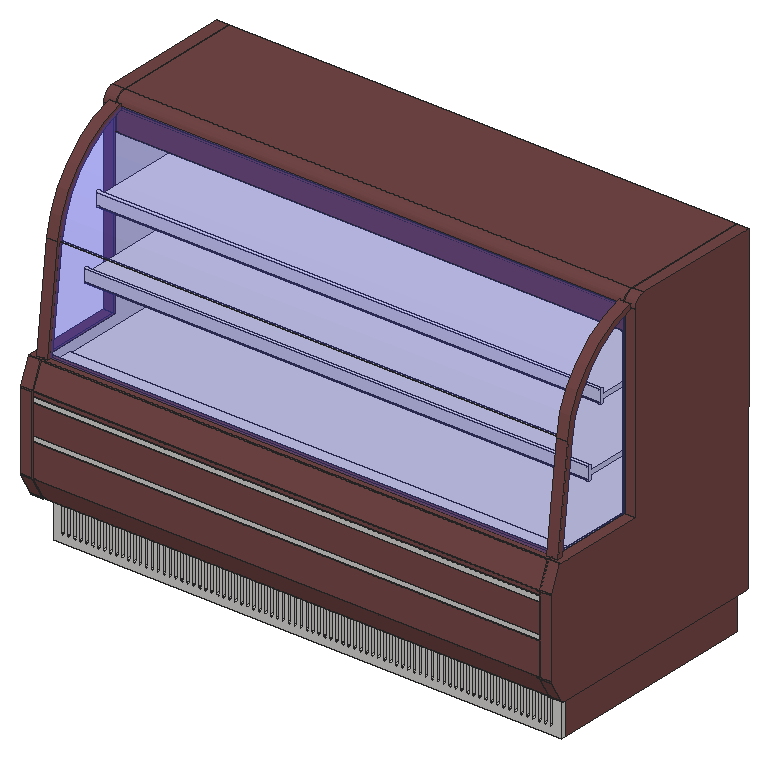
Revit family "QF_Turbo Air_TCGB-72-DR", category Specialty Equipment, Revit 2014 (continued)
Automatic sketch dimensions
  Extrusion 7 sketch curve to plane 11 "Inside Bottom" = 0' - 6 13/16"
  Extrusion 7 sketch curve to plane 19 "Door Top" = 0' - 1 1/16"
  Extrusion 9 sketch curve to plane 14 "Bottom Front" = 0' - 0 1/4"
  plane 9 "BACK" to Extrusion 9 sketch curve = 0' - 0 1/4"
  Extrusion 9 sketch curve to plane 8 "Inside Right" = 0' - 0 1/4"
  plane 7 "Inside Left" to Extrusion 9 sketch curve = 0' - 0 1/4"
  plane 8 "Inside Right" to Extrusion 10 sketch curve = 0' - 0"
  Extrusion 12 sketch curve to plane 19 "Door Top" = 0' - 0"
  Extrusion 12 sketch curve to plane 20 "Door Bottom" = 0' - 0"
  Extrusion 12 sketch curve to plane 9 "BACK" = 0' - 0"
  plane 9 "BACK" to Extrusion 12 sketch curve = 0' - 2 3/8"
  Extrusion 13 sketch curve to plane 19 "Door Top" = 0' - 0"
  Extrusion 13 sketch curve to plane 20 "Door Bottom" = 0' - 0"
  Extrusion 13 sketch curve to plane 9 "BACK" = 0' - 0"
  plane 9 "BACK" to Extrusion 13 sketch curve = 0' - 2 3/8"
  Extrusion 14 sketch curve to Extrusion 14 sketch curve = 0' - 0"  (x2)
  Extrusion 14 sketch curve to plane 10 "Panel Lower" = 0' - 0"
  plane 14 "Bottom Front" to Extrusion 14 sketch curve = 0' - 2.06579"
  Extrusion 14 sketch curve to Extrusion 14 sketch curve = 0' - 0.37782"
  plane 14 "Bottom Front" to Extrusion 14 sketch curve = 0' - 0.39109"
  plane 14 "Bottom Front" to Extrusion 14 sketch curve = 0' - 0.01894"
  Extrusion 14 sketch curve to plane 13 "TOP" = 0' - 1.68514"
  Extrusion 14 sketch curve to plane 14 "Bottom Front" = 0' - 10"
  Extrusion 14 sketch curve to Extrusion 14 sketch curve = 0' - 1 1/2"
  Extrusion 14 sketch curve to plane 18 "Upper Shelf" = 0' - 4.05903"
  Extrusion 14 sketch curve to Extrusion 14 sketch curve = 0' - 2.18672"
  Extrusion 14 sketch curve to Extrusion 14 sketch curve = 0' - 0.04612"
  Extrusion 14 sketch curve to Extrusion 14 sketch curve = 0' - 0.18514"
  Extrusion 15 sketch curve to plane 10 "Panel Lower" = 0' - 0"
  Extrusion 15 sketch curve to plane 14 "Bottom Front" = 0' - 0"
  Extrusion 15 sketch curve to plane 10 "Panel Lower" = 0' - 0 3/8"
  plane 14 "Bottom Front" to Extrusion 15 sketch curve = 0' - 1.20917"
  plane 12 "Panel Bottom" to Extrusion 15 sketch curve = 0' - 0 1/2"
  Extrusion 15 sketch curve to plane 5 "FRONT" = 0' - 2.09151"
  Extrusion 15 sketch curve to Extrusion 15 sketch curve = 0' - 0.14434"
  plane 12 "Panel Bottom" to Extrusion 15 sketch curve = 0' - 0 3/16"
  Extrusion 15 sketch curve to Extrusion 15 sketch curve = 0' - 0.10825"
  Extrusion 15 sketch curve to Extrusion 15 sketch curve = 0' - 1.29074"
  Extrusion 15 sketch curve to plane 10 "Panel Lower" = 0' - 0 1/8"
  Extrusion 15 sketch curve to Extrusion 15 sketch curve = 0' - 0.16283"
  Extrusion 15 sketch curve to plane 10 "Panel Lower" = 0' - 0.07447"
  Extrusion 15 sketch curve to plane 5 "FRONT" = 0' - 0 7/16"  (x3)
  Extrusion 15 sketch curve to plane 5 "FRONT" = 0' - 0 3/16"  (x2)
  Extrusion 15 sketch curve to plane 5 "FRONT" = 0' - 0.07925"
  Extrusion 15 sketch curve to plane 5 "FRONT" = 0' - 0.07317"
  Extrusion 15 sketch curve to plane 5 "FRONT" = 0' - 0 1/16"  (x3)
  plane 12 "Panel Bottom" to Extrusion 15 sketch curve = 0' - 0 1/8"
  plane 12 "Panel Bottom" to Extrusion 15 sketch curve = 0' - 3.23534"
  Extrusion 15 sketch curve to Extrusion 15 sketch curve = 0' - 0.06699"
  Extrusion 15 sketch curve to Extrusion 15 sketch curve = 0' - 4.43208"
  Extrusion 15 sketch curve to Extrusion 15 sketch curve = 0' - 0 3/4"
  Extrusion 15 sketch curve to plane 11 "Inside Bottom" = 0' - 2.5156"
  Extrusion 15 sketch curve to Extrusion 15 sketch curve = 0' - 0 13/16"
  Extrusion 15 sketch curve to Extrusion 15 sketch curve = 0' - 0.48332"
  Extrusion 15 sketch curve to Extrusion 15 sketch curve = 0' - 0.05278"
  Extrusion 16 sketch curve to plane 5 "FRONT" = 0' - 0 1/16"  (x2)
  Extrusion 16 sketch curve to Extrusion 16 sketch curve = 0' - 0 3/8"  (x2)
  Extrusion 16 sketch curve to plane 11 "Inside Bottom" = 0' - 7.2031"
  Extrusion 16 sketch curve to Extrusion 16 sketch curve = 0' - 0 5/8"
  Extrusion 16 sketch curve to plane 11 "Inside Bottom" = 0' - 2.4531"
  Extrusion 16 sketch curve to Extrusion 16 sketch curve = 0' - 0 11/16"
  Extrusion 17 sketch curve to plane 14 "Bottom Front" = 0' - 0"
  Extrusion 17 sketch curve to plane 11 "Inside Bottom" = 0' - 0"
  Extrusion 17 sketch curve to plane 20 "Door Bottom" = 0' - 0 1/16"
  plane 14 "Bottom Front" to Extrusion 17 sketch curve = 0' - 1.20917"
  plane 12 "Panel Bottom" to Extrusion 17 sketch curve = 0' - 0 1/2"
  Extrusion 17 sketch curve to plane 5 "FRONT" = 0' - 2.09151"
  Extrusion 17 sketch curve to plane 10 "Panel Lower" = 0' - 0 3/8"
  Extrusion 17 sketch curve to Extrusion 17 sketch curve = 0' - 1.29074"
  Extrusion 17 sketch curve to plane 5 "FRONT" = 0' - 0 7/16"
  Extrusion 17 sketch curve to plane 14 "Bottom Front" = 0' - 1 7/8"
  plane 9 "BACK" to Extrusion 17 sketch curve = 0' - 2 3/8"
  Extrusion 17 sketch curve to Extrusion 17 sketch curve = 0' - 2.86482"
  Extrusion 17 sketch curve to Extrusion 17 sketch curve = 0' - 4.88518"
  Extrusion 17 sketch curve to plane 11 "Inside Bottom" = 0' - 1.21978"
  Extrusion 18 sketch curve to plane 11 "Inside Bottom" = 0' - 0"
  plane 9 "BACK" to Extrusion 18 sketch curve = 0' - 5 1/8"
  Extrusion 18 sketch curve to plane 13 "TOP" = 0' - 0 3/4"
  plane 9 "BACK" to Extrusion 18 sketch curve = 0' - 2 3/8"
  Extrusion 19 sketch curve to plane 11 "Inside Bottom" = 0' - 0"
  plane 9 "BACK" to Extrusion 19 sketch curve = 0' - 5 1/8"
  Extrusion 19 sketch curve to plane 13 "TOP" = 0' - 0 3/4"
  plane 9 "BACK" to Extrusion 19 sketch curve = 0' - 2 3/8"
  Extrusion 20 sketch curve to plane 20 "Door Bottom" = 0' - 0"
  Extrusion 20 sketch curve to plane 19 "Door Top" = 0' - 0"
  Extrusion 20 sketch curve to plane 11 "Inside Bottom" = 0' - 0"
  Extrusion 20 sketch curve to plane 13 "TOP" = 0' - 0 3/4"
  plane 9 "BACK" to Extrusion 20 sketch curve = 0' - 5 1/8"  (x2)
  plane 9 "BACK" to Extrusion 20 sketch curve = 0' - 2 3/8"  (x2)
  Extrusion 21 sketch curve to plane 13 "TOP" = 0' - 1 3/4"
  Extrusion 21 sketch curve to plane 14 "Bottom Front" = 0' - 10 1/8"
  Extrusion 21 sketch curve to Extrusion 21 sketch curve = 0' - 0.22256"
  Extrusion 21 sketch curve to Extrusion 21 sketch curve = 0' - 1.15244"
  Extrusion 21 sketch curve to Extrusion 21 sketch curve = 0' - 0 1/8"
  plane 19 "Door Top" to Extrusion 21 sketch curve = 0' - 0 13/16"
  plane 9 "BACK" to Extrusion 21 sketch curve = 0' - 5 1/8"
  Extrusion 21 sketch curve to Extrusion 21 sketch curve = 0' - 0 1/4"
  Extrusion 22 sketch curve to plane 10 "Panel Lower" = 0' - 0"
  Extrusion 22 sketch curve to plane 11 "Inside Bottom" = 0' - 0"  (x3)
  Extrusion 22 sketch curve to plane 20 "Door Bottom" = 0' - 0 1/16"
  plane 14 "Bottom Front" to Extrusion 22 sketch curve = 0' - 1.20917"
  Extrusion 22 sketch curve to plane 14 "Bottom Front" = 0' - 1 7/8"
  Extrusion 22 sketch curve to Extrusion 22 sketch curve = 0' - 0 1/16"  (x3)
  Extrusion 22 sketch curve to Extrusion 22 sketch curve = 0' - 8 1/16"
  plane 19 "Door Top" to Extrusion 22 sketch curve = 0' - 0 13/16"
  Extrusion 22 sketch curve to Extrusion 22 sketch curve = 0' - 1 1/2"  (x2)
  Extrusion 22 sketch curve to plane 20 "Door Bottom" = 0' - 0 3/8"  (x2)
  plane 9 "BACK" to Extrusion 22 sketch curve = 0' - 6 3/4"
  plane 9 "BACK" to Extrusion 22 sketch curve = 0' - 5 1/8"
  Extrusion 22 sketch curve to plane 19 "Door Top" = 0' - 1 1/16"
  Extrusion 22 sketch curve to plane 13 "TOP" = 0' - 1 3/4"
  Extrusion 23 sketch curve to plane 10 "Panel Lower" = 0' - 0"
  Extrusion 23 sketch curve to plane 11 "Inside Bottom" = 0' - 0"  (x3)
  Extrusion 23 sketch curve to plane 20 "Door Bottom" = 0' - 0 1/16"
  plane 14 "Bottom Front" to Extrusion 23 sketch curve = 0' - 1.20917"
  Extrusion 23 sketch curve to plane 14 "Bottom Front" = 0' - 1 7/8"
  Extrusion 23 sketch curve to Extrusion 23 sketch curve = 0' - 0 1/16"  (x3)
  Extrusion 23 sketch curve to Extrusion 23 sketch curve = 0' - 8 1/16"
  plane 19 "Door Top" to Extrusion 23 sketch curve = 0' - 0 13/16"
  Extrusion 23 sketch curve to Extrusion 23 sketch curve = 0' - 1 1/2"  (x2)
  Extrusion 23 sketch curve to plane 20 "Door Bottom" = 0' - 0 3/8"  (x2)
  plane 9 "BACK" to Extrusion 23 sketch curve = 0' - 6 3/4"
  plane 9 "BACK" to Extrusion 23 sketch curve = 0' - 5 1/8"
  Extrusion 23 sketch curve to plane 19 "Door Top" = 0' - 1 1/16"
  Extrusion 23 sketch curve to plane 13 "TOP" = 0' - 1 3/4"
  Extrusion 24 sketch curve to plane 11 "Inside Bottom" = 0' - 0"  (x2)
  Extrusion 24 sketch curve to plane 20 "Door Bottom" = 0' - 0 3/8"  (x2)
  Extrusion 24 sketch curve to plane 14 "Bottom Front" = 0' - 1 15/16"
  plane 9 "BACK" to Extrusion 24 sketch curve = 0' - 6 3/4"
  Extrusion 24 sketch curve to Extrusion 24 sketch curve = 0' - 0 1/16"
  Extrusion 24 sketch curve to Extrusion 24 sketch curve = 0' - 1 1/2"
  Extrusion 25 sketch curve to plane 17 "Lower Shelf" = 0' - 0"
  Extrusion 25 sketch curve to plane 18 "Upper Shelf" = 0' - 0"
  Extrusion 25 sketch curve to plane 17 "Lower Shelf" = 0' - 1"
  Extrusion 25 sketch curve to plane 14 "Bottom Front" = 0' - 4 3/8"
  Extrusion 25 sketch curve to Extrusion 25 sketch curve = 0' - 0 3/16"  (x4)
  Extrusion 25 sketch curve to plane 18 "Upper Shelf" = 0' - 1"
  Extrusion 25 sketch curve to plane 14 "Bottom Front" = 0' - 6 3/8"
  plane 9 "BACK" to Extrusion 25 sketch curve = 0' - 5 1/8"  (x2)
  Extrusion 25 sketch curve to plane 17 "Lower Shelf" = 0' - 0 5/8"
  plane 17 "Lower Shelf" to Extrusion 25 sketch curve = 0' - 0 9/16"
  Extrusion 25 sketch curve to Extrusion 25 sketch curve = 0' - 0 5/8"
  plane 18 "Upper Shelf" to Extrusion 25 sketch curve = 0' - 0 9/16"
  Extrusion 30 sketch curve to plane 9 "BACK" = 0' - 0"
  Extrusion 30 sketch curve to plane 1 "Handle Back" = 0' - 0"
  Extrusion 30 sketch curve to plane 17 "Lower Shelf" = 0' - 2 1/8"
  Extrusion 30 sketch curve to Extrusion 30 sketch curve = 0' - 0 1/2"  (x2)
  plane 18 "Upper Shelf" to Extrusion 30 sketch curve = 0' - 0 5/8"
  plane 9 "BACK" to Extrusion 31 sketch curve = 0' - 1 3/16"
  plane 1 "Handle Back" to Extrusion 31 sketch curve = 0' - 1 3/16"
  Extrusion 31 sketch curve to plane 17 "Lower Shelf" = 0' - 2 1/8"
  Extrusion 31 sketch curve to Extrusion 31 sketch curve = 0' - 0 1/2"  (x2)
  plane 18 "Upper Shelf" to Extrusion 31 sketch curve = 0' - 0 5/8"
  curve 11 to plane 7 "Inside Left" = 0' - 0"
  plane 1 "Handle Back" to curve 19 = 0' - 0"
  curve 17 to plane 8 "Inside Right" = 0' - 0"
  curve 16 to plane 8 "Inside Right" = 0' - 0"
  curve 19 to plane 16 "Door Right" = 0' - 1"
  curve 18 to curve 19 = 0' - 0 1/4"
  curve 13 to curve 24 = 0' - 0.25188"
  plane 14 "Bottom Front" to curve 23 = 0' - 0.39109"
  curve 22 to curve 12 = 0' - 0.07996"
  curve 21 to curve 12 = 0' - 0.07996"
  curve 9 to curve 6 = 0' - 0.07996"
  Extrusion 11 sketch curve to plane 15 "Door Left" = 0' - 0"
  Extrusion 11 sketch curve to plane 21 "CENTER LR" = 0' - 0"
  Extrusion 11 sketch curve to plane 16 "Door Right" = 0' - 0"
  Extrusion 11 sketch curve to plane 15 "Door Left" = 0' - 0 3/16"
  Extrusion 11 sketch curve to Extrusion 11 sketch curve = 0' - 0 7/16"  (x80)
  Extrusion 11 sketch curve to Extrusion 11 sketch curve = 0' - 0 3/16"  (x82)
  plane 6 "Bottom" to Extrusion 11 sketch curve = 0' - 1 1/4"  (x12)
  Extrusion 11 sketch curve to Extrusion 11 sketch curve = 0' - 0"  (x142)
  Extrusion 11 sketch curve to plane 12 "Panel Bottom" = 0' - 0 15/16"  (x12)
  radius of Extrusion 32 sketch curve = 0' - 0 9/16"  (x4)
  radius of Extrusion 33 sketch curve = 0' - 0 1/4"
Connectors (in)
  electrical at (19.68427, -0.6875, 6), driven by "Number of Poles", driven by "Volts", driven by "Apparent Power"
    settings: on Extrusion 33, index 1, voltage 115 V, apparent load 80.5 VA, apparent load phase1 0 VA, apparent load phase2 0 VA, apparent load phase3 0 VA, power factor 1, load classification "Other", number of poles 1, system type 30, power factor state 1, is connector primary yes, connector utility no, sub classification motor no, connector description "Electric"
